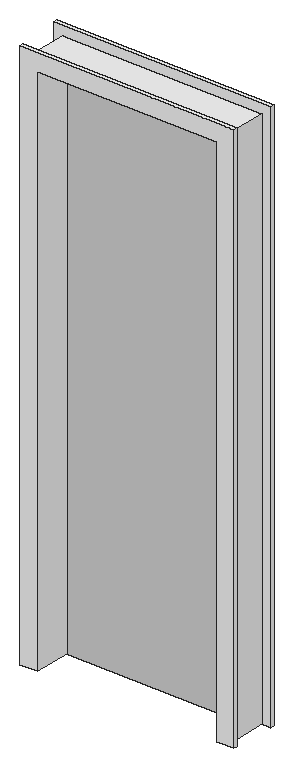
Revit family "KAPI", category Doors, host Wall, Revit 2015
Parameters (values of type "0800 x 2200mm")
  aci = 45.00°
  Yay = Width - 50.00 mm  # 750.00 mm
  Visual Light Transmittance = 0
  Thickness = 51.00 mm
  Thermal Resistance (R) = 0.270117 (m²·K)/W
  Solar Heat Gain Coefficient = 0
  Rough Height = 2200.00 mm
  Construction Type Id = "MDOOR"
  Heat Transfer Coefficient (U) = 3.7021 W/(m²·K)
  Function = Interior
  Door Material = Door - Panel
  Frame Material = Door - Frame
  Height = 2200.00 mm
  Trim Projection Ext = 25.00 mm
  Trim Projection Int = 25.00 mm
  Trim Width = 76.00 mm
  Wall Closure = By host
  Width = 800.00 mm
  Analytic Construction = "Metal"
Types (4, lengths in mm): name | Yay | Width
  0800 x 2200mm | 750.00 | 800.00
  0900 x 2200mm | 850.00 | 900.00
  1000 x 2200mm | 950.00 | 1000.00
  1000 x 2200mm 2 | 1150.00 | 1200.00
Reference planes
  plane 1: y = 0
  plane 2: z = 0
  plane 3: x = 0
  plane 4: x = -400
  plane 5: x = 400
  plane 6: z = 2200
Forms (mm)
  Sweep 1, solid, material "Door - Frame" <- "Frame Material"
    path in 3D
      loop
        line (360.224, 0, 0) -> (360.224, 0, 2160.22) -> (-360.224, 0, 2160.22) -> (-360.224, 0, 0)
    profile origin (-360.224, 0, 2160.22) x (0, -1, 0) y (1, 0, 0)
      loop
        line (-80.214, -75.561) -> (-80.214, -39.776) -> (80, -39.776) -> (80, -70) -> (96.154, -70) -> (96.154, 0) -> (-50.578, 0) -> (-50.578, -3.707) -> (-27.516, -3.707) -> (-27.516, -7.768) -> (-50.578, -7.768) -> (-50.578, -12.535) -> (-96.368, -12.535) -> (-96.368, -75.561) -> (-80.214, -75.561)
  Extrusion 2, solid, material "Door - Panel" <- "Door Material", detail levels medium+fine
    sketch origin (0, 0, 0) x (0, 0, -1) y (1, 0, 0)
      loop
        line (-2169.7, -369.7) -> (0, -369.7) -> (0, 369.7) -> (-2169.7, 369.7) -> (-2169.7, -369.7)
    from -50.578 to -96.368
Lines and regions (mm)
  Opening 1
    outline origin (-1524, -80, 3657.6) x (0, 0, -1) y (1, 0, 0)
      loop
        line (1457.6, 1124) -> (3657.6, 1124) -> (3657.6, 1924) -> (1457.6, 1924) -> (1457.6, 1124)
  symbolic lines, style "Elevation Swing"
    curve 1: line (-400, 0, 2200) -> (400, 0, 1100)
    curve 2: line (400, 0, 1100) -> (-400, 0, 0)
  reference lines
    curve 3: line (-435.785, 80.214, 0) -> (-435.785, 93.897, 0)
    curve 4: line (-430.224, -80, 0) -> (-430.224, -93.682, 0)
    curve 5: line (-381.233, 86.923, 0) -> (-381.233, 83.834, 0)
    curve 6: line (-378.761, 89.483, 0) -> (-378.761, 86.923, 0)
    curve 7: line (-372.759, 50.578, 0) -> (-372.759, 93.897, 0)
    curve 8: line (-367.992, 27.516, 0) -> (-367.992, 50.578, 0)
    curve 9: line (-363.931, 50.578, 0) -> (-363.931, 27.516, 0)
    curve 10: line (-360.224, -80, 0) -> (-360.224, 50.578, 0)
    curve 11: line (-369.757, -80, 0) -> (-369.757, -63.14, 0)
    curve 12: line (-369.757, -63.14, 0) -> (-365.255, -63.14, 0)
    curve 13: line (-365.255, -63.14, 0) -> (-365.255, -80, 0)
    curve 14: line (-433.313, 96.368, 0) -> (-374.833, 96.368, 0)
    curve 15: line (-378.761, 80.214, 0) -> (-435.785, 80.214, 0)
    curve 16: line (-378.761, 86.923, 0) -> (-381.233, 86.923, 0)
    curve 17: line (-381.233, 83.834, 0) -> (-378.761, 83.834, 0)
    curve 18: line (-378.761, 83.834, 0) -> (-378.761, 80.214, 0)
    curve 19: line (-367.992, 50.578, 0) -> (-372.759, 50.578, 0)
    curve 20: line (-360.224, 50.578, 0) -> (-363.931, 50.578, 0)
    curve 21: line (-363.931, 27.516, 0) -> (-367.992, 27.516, 0)
    curve 22: line (-369.757, -63.14, 0) -> (-365.255, -63.14, 0)
    curve 23: line (-360.224, -82, 0) -> (-365.255, -82, 0)
    curve 24: line (-427.752, -96.154, 0) -> (-362.695, -96.154, 0)
    curve 25: line (-360.224, 0, 2465) -> (-360.224, 0, 405)
    curve 26: line (360.224, 0, 2310) -> (360.224, 0, -30)
    curve 27: line (1796, 0, 2160.22) -> (-1569, 0, 2160.22)
    curve 31: line (-369.7, 0, 2200) -> (-369.7, 0, -430)
    curve 32: line (369.7, 0, 2536) -> (369.7, 0, -430)
    curve 33: line (-1869, 0, 2169.7) -> (2156, 0, 2169.7)
    curve 40: line (-372.759, 96.368, 0) -> (-377.395, 91.732, 0)
    curve 41: line (-372.759, 96.368, 0) -> (-377.245, 91.881, 0)
    curve 47: line (-365.255, -64.905, 0) -> (-365.962, -64.199, 0)
    curve 48: line (435.785, 80.214, 0) -> (435.785, 93.897, 0)
    curve 49: line (430.224, -80, 0) -> (430.224, -93.682, 0)
    curve 50: line (381.233, 86.923, 0) -> (381.233, 83.834, 0)
    curve 51: line (378.761, 89.483, 0) -> (378.761, 86.923, 0)
    curve 52: line (372.759, 50.578, 0) -> (372.759, 112.476, 0)
    curve 53: line (367.992, 27.516, 0) -> (367.992, 50.578, 0)
    curve 54: line (363.931, 50.578, 0) -> (363.931, 27.516, 0)
    curve 55: line (360.224, -80, 0) -> (360.224, 50.578, 0)
    curve 56: line (369.757, -80, 0) -> (369.757, -63.14, 0)
    curve 57: line (369.757, -63.14, 0) -> (365.255, -63.14, 0)
    curve 58: line (365.255, -63.14, 0) -> (365.255, -80, 0)
    curve 59: line (433.313, 96.368, 0) -> (374.833, 96.368, 0)
    curve 60: line (378.761, 80.214, 0) -> (435.785, 80.214, 0)
    curve 61: line (378.761, 86.923, 0) -> (381.233, 86.923, 0)
    curve 62: line (381.233, 83.834, 0) -> (378.761, 83.834, 0)
    curve 63: line (378.761, 83.834, 0) -> (378.761, 80.214, 0)
    curve 64: line (367.992, 50.578, 0) -> (372.759, 50.578, 0)
    curve 65: line (360.224, 50.578, 0) -> (363.931, 50.578, 0)
    curve 66: line (363.931, 27.516, 0) -> (367.992, 27.516, 0)
    curve 67: line (369.757, -63.14, 0) -> (365.255, -63.14, 0)
    curve 68: line (360.224, -82, 0) -> (365.255, -82, 0)
    curve 69: line (427.752, -96.154, 0) -> (362.695, -96.154, 0)
    curve 70: line (360.224, 0, 2310) -> (360.224, 0, -30)
    curve 71: line (369.7, 0, 2330) -> (369.7, 0, -430)
    curve 81: line (365.255, -64.905, 0) -> (365.962, -64.199, 0)
    curve 82: line (417.759, 50.578, 0) -> (417.759, 112.476, 0)
    curve 83: line (-360.224, 0, 2465) -> (-360.224, 0, 405)
    curve 84: line (-369.7, 0, 2080) -> (-369.7, 0, -430)
    curve 85: line (-435.785, 80.214, 0) -> (-435.785, 93.897, 0)
    curve 86: line (-430.224, -80, 0) -> (-430.224, -93.682, 0)
    curve 87: line (-381.233, 86.923, 0) -> (-381.233, 83.834, 0)
    curve 88: line (-378.761, 89.483, 0) -> (-378.761, 86.923, 0)
    curve 89: line (-372.759, 50.578, 0) -> (-372.759, 112.476, 0)
    curve 90: line (-363.931, 50.578, 0) -> (-363.931, 27.516, 0)
    curve 91: line (-360.224, -80, 0) -> (-360.224, 50.578, 0)
    curve 92: line (-369.757, -80, 0) -> (-369.757, -63.14, 0)
    curve 93: line (-369.757, -63.14, 0) -> (-365.255, -63.14, 0)
    curve 94: line (-365.255, -63.14, 0) -> (-365.255, -80, 0)
    curve 95: line (-433.313, 96.368, 0) -> (-374.833, 96.368, 0)
    curve 96: line (-378.761, 80.214, 0) -> (-435.785, 80.214, 0)
    curve 97: line (-378.761, 86.923, 0) -> (-381.233, 86.923, 0)
    curve 98: line (-381.233, 83.834, 0) -> (-378.761, 83.834, 0)
    curve 99: line (-378.761, 83.834, 0) -> (-378.761, 80.214, 0)
    curve 100: line (-367.992, 50.578, 0) -> (-372.759, 50.578, 0)
    curve 101: line (-360.224, 50.578, 0) -> (-363.931, 50.578, 0)
    curve 102: line (-363.931, 27.516, 0) -> (-367.992, 27.516, 0)
    curve 103: line (-369.757, -63.14, 0) -> (-365.255, -63.14, 0)
    curve 104: line (-360.224, -82, 0) -> (-365.255, -82, 0)
    curve 105: line (-427.752, -96.154, 0) -> (-362.695, -96.154, 0)
    curve 106: line (-360.224, 0, 2405) -> (-360.224, 0, 0)
    curve 107: line (-369.7, 0, 2200) -> (-369.7, 0, -430)
    curve 108: line (-365.255, -64.905, 0) -> (-365.962, -64.199, 0)
    curve 109: line (-417.759, 50.578, 0) -> (-417.759, 112.476, 0)
    curve 113: line (372.759, 96.368, 0) -> (377.245, 91.881, 0)
  sketch lines
    curve 28: line (360.224, 0, 2160.22) -> (-360.224, 0, 2160.22)
    curve 29: line (-360.224, 0, 2160.22) -> (-360.224, 0, 0)
    curve 30: line (360.224, 0, 2160.22) -> (360.224, 0, 0)
  symbolic lines, detail levels medium+fine
    curve 34: line (-378.761, 80.214, 0) -> (-400, 80.214, 0)
    curve 35: line (-378.761, 83.834, 0) -> (-378.761, 80.214, 0)
    curve 36: line (-381.233, 83.834, 0) -> (-378.761, 83.834, 0)
    curve 37: line (-381.233, 86.923, 0) -> (-381.233, 83.834, 0)
    curve 38: line (-378.761, 86.923, 0) -> (-381.233, 86.923, 0)
    curve 39: line (-378.761, 90.366, 0) -> (-378.761, 86.923, 0)
    curve 42: line (-372.759, 96.368, 0) -> (-378.761, 90.366, 0)
    curve 43: line (-369.757, -80, 0) -> (-369.757, -63.14, 0)
    curve 44: line (-369.757, -63.14, 0) -> (-365.255, -63.14, 0)
    curve 45: line (-365.255, -63.14, 0) -> (-365.255, -82, 0)
    curve 46: line (-360.224, -82, 0) -> (-365.255, -82, 0)
    curve 72: line (378.761, 80.214, 0) -> (435.785, 80.214, 0)
    curve 73: line (378.761, 83.834, 0) -> (378.761, 80.214, 0)
    curve 74: line (381.233, 83.834, 0) -> (378.761, 83.834, 0)
    curve 75: line (381.233, 86.923, 0) -> (381.233, 83.834, 0)
    curve 76: line (378.761, 86.923, 0) -> (381.233, 86.923, 0)
    curve 77: line (378.761, 90.366, 0) -> (378.761, 86.923, 0)
    curve 78: line (369.757, -80, 0) -> (369.757, -63.14, 0)
    curve 79: line (365.255, -63.14, 0) -> (365.255, -82, 0)
    curve 80: line (360.224, -82, 0) -> (365.255, -82, 0)
    curve 110: line (369.757, -63.14, 0) -> (365.255, -63.14, 0)
    curve 111: line (400, -80, 0) -> (369.757, -80, 0)
    curve 112: line (-400, -80, 0) -> (-369.757, -80, 0)
    curve 114: line (372.759, 96.368, 0) -> (378.761, 90.366, 0)
  symbolic lines
    curve 115: line (369.7, 96.368, 0) -> (369.7, 846.368, 0)
    curve 116: arc (369.7, 846.368, 0) -> (-160.63, 626.698, 0) -> (-380.3, 96.368, 0) r 750
Dimensions and locks
  equal spacing: plane 4, plane 3, plane 5
  "Width": plane 4 to plane 5
  "Height": plane 6 to plane 2
  equal spacing: plane 6, curve 2, level
  curve 33 to curve 27 = 9.48 mm
  "Rough Height": level to curve 31
  locked: Sweep 1 sketch curve to Sweep 1 sketch curve at 16.154  (x2)
  "Yay": curve 115 to curve 115
  "Yay": radius of curve 116
  "aci": angle curve 40 to Sweep 1
  aligned and locked: Sweep 1 sketch curve to curve 3
  aligned and locked: curve 15 to Sweep 1 sketch curve
  aligned and locked: Sweep 1 sketch curve to curve 7
  aligned and locked: Sweep 1 sketch curve to curve 19
  aligned and locked: Sweep 1 sketch curve to curve 8
  aligned and locked: Sweep 1 sketch curve to curve 21
  aligned and locked: Sweep 1 sketch curve to curve 9
  aligned and locked: Sweep 1 sketch curve to curve 20
  aligned and locked: profile plane to Sweep 1 sketch curve
  aligned and locked: Sweep 1 sketch curve to curve 24
  aligned and locked: Sweep 1 sketch curve to curve 4
  aligned and locked: curve 33 to Extrusion 2 sketch curve
  aligned and locked: Extrusion 2 sketch curve to curve 31
  aligned and locked: level to Extrusion 2 sketch curve
  aligned and locked: curve 32 to Extrusion 2 sketch curve
  aligned and locked: curve 34 to curve 15
  aligned and locked: curve 35 to curve 18
  aligned and locked: curve 36 to curve 17
  aligned and locked: curve 37 to curve 5
  aligned and locked: curve 38 to curve 16
  aligned and locked: curve 39 to curve 6
  aligned and locked: curve 42 to curve 40
  aligned and locked: curve 43 to curve 11
  aligned and locked: curve 45 to curve 13
  aligned and locked: curve 46 to curve 23
  aligned and locked: curve 72 to curve 60
  aligned and locked: curve 73 to curve 63
  aligned and locked: curve 74 to curve 62
  aligned and locked: curve 75 to curve 50
  aligned and locked: curve 76 to curve 61
  aligned and locked: curve 77 to curve 51
  aligned and locked: curve 78 to curve 56
  aligned and locked: curve 79 to curve 58
  aligned and locked: curve 80 to curve 68
  aligned and locked: curve 110 to curve 67
  aligned and locked: curve 114 to curve 113
Automatic sketch dimensions
  plane 5 to Opening 1 sketch curve = 0.00 mm
  Opening 1 sketch curve to plane 6 = 0.00 mm
  Opening 1 sketch curve to level = 0.00 mm
  plane 4 to Opening 1 sketch curve = 0.00 mm
  plane 4 to curve 1 = 0.00 mm
  curve 1 to plane 6 = 0.00 mm
  curve 2 to level = 0.00 mm
  plane 4 to curve 2 = 0.00 mm
  plane 5 to curve 1 = 0.00 mm
  host wall to curve 86 = 0.00 mm
  host wall to curve 4 = 0.00 mm
  host wall to curve 92 = 0.00 mm
  host wall to curve 11 = 0.00 mm
  host wall to curve 13 = 0.00 mm
  host wall to curve 94 = 0.00 mm
  host wall to curve 10 = 0.00 mm
  host wall to curve 91 = 0.00 mm
  host wall to curve 55 = 0.00 mm
  host wall to curve 58 = 0.00 mm
  host wall to curve 56 = 0.00 mm
  host wall to curve 49 = 0.00 mm
  host wall to curve 3 = 0.214 mm
  plane 4 to curve 3 = 35.785 mm
  host wall to curve 87 = 3.834 mm
  curve 87 to plane 4 = 18.767 mm
  curve 5 to curve 15 = 2.472 mm
  curve 5 to curve 16 = 2.472 mm
  curve 6 to curve 40 = 6.003 mm
  curve 89 to plane 4 = 27.241 mm
  curve 92 to plane 4 = 30.243 mm
  curve 11 to curve 93 = 4.502 mm
  curve 8 to curve 101 = 4.061 mm
  curve 9 to curve 10 = 3.707 mm
  plane 5 to curve 65 = 39.776 mm
  curve 55 to curve 66 = 3.707 mm
  curve 55 to curve 58 = 5.032 mm
  curve 54 to curve 53 = 4.061 mm
  curve 57 to curve 56 = 4.502 mm
  curve 53 to curve 64 = 4.767 mm
  host wall to curve 60 = 0.214 mm
  curve 113 to curve 60 = 6.003 mm
  curve 51 to curve 62 = 0.00 mm
  curve 51 to curve 50 = 2.472 mm
  curve 48 to plane 5 = 35.785 mm
  curve 67 to host wall = 16.86 mm
  curve 11 to curve 93 = 16.86 mm
  curve 8 to host wall = 27.516 mm
  curve 66 to host wall = 27.516 mm
  curve 54 to curve 54 = 23.062 mm
  curve 9 to curve 10 = 23.062 mm
  curve 54 to curve 53 = 0.00 mm
  curve 8 to curve 9 = 0.00 mm
  host wall to curve 50 = 3.834 mm
  curve 50 to curve 61 = 3.09 mm
  curve 17 to curve 6 = 3.09 mm
  curve 6 to curve 41 = 9.445 mm
  curve 3 to curve 95 = 2.472 mm  (x2)
  curve 14 to curve 95 = 0.00 mm  (x3)
  host wall to curve 86 = 13.682 mm
  plane 4 to curve 86 = 30.224 mm
  curve 4 to curve 86 = 0.00 mm  (x2)
  curve 4 to curve 105 = 2.472 mm
  curve 24 to curve 105 = 0.00 mm  (x3)
  plane 4 to curve 109 = 17.759 mm
  curve 6 to curve 40 = 1.366 mm
  curve 40 to curve 41 = 0.149 mm  (x2)
  curve 95 to curve 40 = 2.074 mm
  curve 108 to host wall = 15.801 mm
  curve 108 to curve 47 = 0.706 mm  (x2)
  curve 47 to host wall = 15.801 mm
  curve 47 to curve 108 = 0.00 mm  (x2)
  curve 23 to curve 13 = 0.00 mm
  curve 104 to curve 23 = 0.00 mm
  curve 23 to curve 105 = 2.56 mm
  curve 104 to curve 10 = 0.00 mm
  curve 23 to curve 104 = 0.00 mm  (x2)
  curve 68 to curve 55 = 0.00 mm
  curve 68 to curve 69 = 2.472 mm
  curve 68 to curve 58 = 0.00 mm
  curve 81 to host wall = 15.801 mm
  curve 81 to curve 81 = 0.706 mm  (x2)
  curve 113 to curve 59 = 2.074 mm
  curve 113 to curve 51 = 1.516 mm
  curve 82 to plane 5 = 17.759 mm
  curve 69 to plane 5 = 27.752 mm
  curve 69 to curve 49 = 2.472 mm  (x2)
  curve 59 to curve 48 = 2.472 mm
  curve 68 to curve 55 = 2.00 mm
  host wall to curve 104 = 2.00 mm
  curve 49 to curve 49 = 13.682 mm
  curve 105 to curve 4 = 2.472 mm
  curve 82 to host wall = 29.422 mm
  curve 109 to host wall = 29.422 mm
  curve 6 to curve 88 = 2.56 mm
  curve 51 to curve 51 = 2.56 mm
  curve 6 to curve 88 = 0.00 mm
  curve 6 to curve 40 = 2.249 mm
  curve 51 to curve 113 = 2.398 mm
  curve 7 to curve 40 = 2.472 mm
  curve 3 to curve 3 = 13.682 mm
  curve 48 to curve 48 = 13.682 mm
  curve 85 to curve 3 = 0.00 mm
  curve 113 to curve 113 = 4.487 mm
  curve 48 to curve 59 = 2.472 mm
  curve 14 to curve 109 = 16.108 mm
  curve 113 to curve 52 = 16.108 mm
  curve 40 to curve 89 = 16.108 mm
  curve 59 to curve 82 = 16.108 mm
  Sweep 1 sketch curve to Sweep 1 sketch curve = 27.241 mm
  curve 7 to curve 8 = 4.767 mm
  curve 34 to plane 4 = 0.00 mm
  curve 112 to plane 4 = 0.00 mm
  curve 111 to plane 5 = 0.00 mm
  plane 5 to curve 115 = 30.30 mm
  curve 43 to curve 43 = 16.86 mm
  curve 77 to curve 116 = 6.003 mm
  host wall to curve 42 = 16.368 mm
  curve 45 to curve 46 = 5.032 mm
  curve 80 to curve 79 = 5.032 mm
  host wall to curve 114 = 16.368 mm
  curve 72 to plane 5 = 35.785 mm
  curve 107 to plane 6 = 0.00 mm
  curve 106 to level = 0.00 mm
  plane 6 to curve 33 = 30.30 mm
  plane 4 to curve 33 = 1469.00 mm
  plane 5 to curve 26 = 39.776 mm
  curve 26 to plane 6 = 110.00 mm
  curve 70 to curve 26 = 0.00 mm  (x2)
  curve 71 to curve 26 = 20.00 mm
  curve 106 to plane 4 = 39.776 mm
  curve 106 to plane 6 = 205.00 mm
  curve 25 to curve 106 = 60.00 mm
  curve 83 to curve 25 = 0.00 mm  (x3)
  plane 5 to curve 32 = 30.30 mm
  curve 32 to curve 71 = 206.00 mm
  curve 84 to plane 4 = 30.30 mm
  plane 6 to curve 84 = 120.00 mm
  curve 25 to plane 4 = 39.776 mm
  level to curve 25 = 405.00 mm
  curve 70 to level = 30.00 mm
  curve 26 to curve 70 = 0.00 mm
  curve 26 to curve 32 = 400.00 mm
  curve 84 to level = 430.00 mm
  curve 71 to curve 32 = 0.00 mm  (x2)
  curve 31 to curve 84 = 0.00 mm  (x2)
  curve 107 to curve 31 = 0.00 mm
  curve 33 to curve 27 = 300.00 mm
  curve 107 to plane 4 = 30.30 mm
  curve 27 to plane 5 = 1396.00 mm
  curve 27 to curve 33 = 360.00 mm
  host wall to curve 111 = 0.00 mm
  host wall to curve 112 = 0.00 mm
